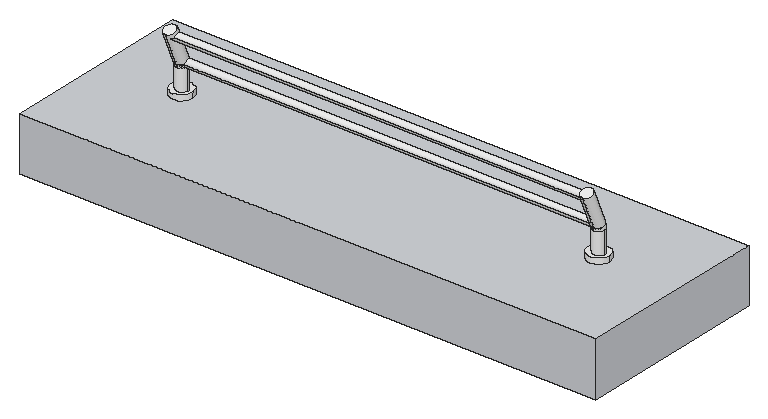
Revit family
Parameters
  URL = "http://caroma.com.au/bathrooms/bathroom-accessories/cosmo/cosmo-metal-double-towel-rail-900mm"
  Model = "Cosmo Double Towel Rail - 900mm"
  Manufacturer = "Caroma"
  Length = 885 mm
  Description = "Contemporary style doesn’t have to mean edges and angles with the Caroma Cosmo Accessory range. Offering a stylish design with smooth, clean lines at a surprisingly economical price, Cosmo Accessories create the perfect finishing touch for any bathroom."
  Default Elevation = 0 mm
  Caroma Rail Material = Caroma Chrome
Reference planes
  plane 1 "Center (Front/Back)": y = 0
  plane 2: z = 0
  plane 3 "Center (Left/Right)": x = 0
  plane 4: through (0, 31.16, 135.923) normal (0, -0.924, 0.3823)
  plane 5 "Angle": through (0, -8.439, 73.339) normal (0, -0.3846, -0.9231)
  plane 6 "Left": x = 442.5
  plane 7 "Right": x = -442.5
Forms (mm)
  Extrusion 1, solid
    sketch origin (0, 0, 0) x (1, 0, 0) y (0, 1, 0)
      loop
        line (-610, 186.337) -> (-610, -218.883) -> (611.402, -218.883) -> (611.402, 186.337) -> (-610, 186.337)
    from 0 to -115.503
  Extrusion 2, solid, material "Caroma Chrome" <- "Caroma Rail Material"
    sketch origin (143.46, 0, 0) x (-1, 0, 0) y (0, -1, 0)
      loop
        circle (-299.04, 0) r 22.944
      loop
        circle (585.96, 0) r 22.944
    from 0 to 11
  Extrusion 3, solid, material "Caroma Chrome" <- "Caroma Rail Material"
    sketch origin (143.46, 0, 0) x (-1, 0, 0) y (0, -1, 0)
      loop
        circle (-299.04, 0) r 12.5
      loop
        circle (585.96, 0) r 12.5
    from 0 to 57.792
  Extrusion 4, solid, material "Caroma Chrome" <- "Caroma Rail Material"
    sketch origin (0, -24.789, 59.494) x (0, 0.923077, 0.384615) y (1, 0, 0)
      loop
        circle (23.515, -442.5) r 12.5
      loop
        circle (23.515, 442.5) r 12.5
    from 4.178 to -72
  Sweep 5, solid, material "Caroma Chrome" <- "Caroma Rail Material"
    path origin (442.5, 0, 0) x (0, -1, 0) y (0, 0, 1)
      loop
        arc (3.25, 68.469) -> (0.9, 62.94) -> (0, 57) r 23.952
    profile origin (442.5, -0.9, 62.94) x (0, -0.962117, -0.272636) y (-1, 0, 0)
      loop
        circle (0, 0) r 12.5
  Sweep 6, solid, material "Caroma Chrome" <- "Caroma Rail Material"
    path origin (-442.5, 0, 0) x (0, -1, 0) y (0, 0, 1)
      loop
        arc (3.25, 68.469) -> (0.9, 62.94) -> (0, 57) r 23.952
    profile origin (-442.5, -0.9, 62.94) x (0, -0.962117, -0.272636) y (-1, 0, 0)
      loop
        circle (0, 0) r 12.5
  Extrusion 7, solid, material "Caroma Chrome" <- "Caroma Rail Material"
    sketch origin (450, 0.436, -0.799) x (0, 1, 0) y (0, 0, 1)
      loop
        circle (-27.095, 125.843) r 8
    from -892.5 to -7.5
  Extrusion 8, solid, material "Caroma Chrome" <- "Caroma Rail Material"
    sketch origin (450, 26.334, -62.829) x (0, 1, 0) y (0, 0, 1)
      loop
        circle (-26.334, 125.83) r 8
    from -892.5 to -7.5
Lines and regions (mm)
  Masking region 1
    outline origin (442.5, 0, 0) x (0, -1, 0) y (0, 0, 1)
      loop
        line (22.944, 0) -> (22.944, 11) -> (12.5, 11) -> (12.5, 56.692)
        arc (12.5, 56.692) -> (12.879, 59.55) -> (13.989, 62.211) r 10.976
        line (13.989, 62.211) -> (42.314, 130.192) -> (19.237, 139.808) -> (-8.455, 73.346)
        arc (-8.455, 73.346) -> (-11.509, 65.587) -> (-12.496, 57.308) r 32.63
        line (-12.496, 57.308) -> (-12.496, 11) -> (-22.944, 11) -> (-22.944, 0) -> (22.944, 0)
  Masking region 2
    outline origin (0, 0, 0) x (1, 0, 0) y (0, 0, 1)
      loop
        line (-465.444, 0) -> (465.444, 0) -> (465.444, 11) -> (455.103, 11) -> (455.103, 134.942)
        spline (455.103, 134.942) -> (454.562, 136.392) -> (452.983, 137.718) -> (450.504, 138.805) -> (447.336, 139.56) -> (443.753, 139.918) -> (440.062, 139.848) -> (436.58, 139.356) -> (433.608, 138.486) -> (431.4, 137.31) -> (430.146, 135.931) -> (429.954, 134.467) -> (430.84, 133.044)
        line (430.84, 133.044) -> (-431.629, 133.044)
        spline (-431.629, 133.044) -> (-430.773, 134.356) -> (-430.836, 135.712) -> (-431.815, 137.01) -> (-433.637, 138.157) -> (-436.168, 139.068) -> (-439.223, 139.675) -> (-442.576, 139.934) -> (-445.982, 139.827) -> (-449.19, 139.36) -> (-451.965, 138.569) -> (-454.102, 137.512) -> (-455.444, 136.265)
        line (-455.444, 136.265) -> (-455.444, 11) -> (-465.444, 11) -> (-465.444, 0)
  symbolic lines, style "Caroma Bathroom Accessories"
    curve 1: line (442.5, 12.5, 11) -> (442.5, -12.496, 11)
    curve 2: line (-454.819, 0, 11) -> (-419.556, 0, 11)
    curve 3: line (-419.556, 0, 11) -> (-419.556, 0, 0)
    curve 4: line (-430, 0, 11) -> (-430, 0, 133.044)
    curve 5: spline (-430, 0, 135) -> (-430.426, 0, 133.756) -> (-431.675, 0, 132.596) -> (-433.661, 0, 131.6) -> (-436.25, 0, 130.836) -> (-439.265, 0, 130.356) -> (-442.5, 0, 130.192) -> (-445.735, 0, 130.356) -> (-448.75, 0, 130.836) -> (-451.339, 0, 131.6) -> (-453.325, 0, 132.596) -> (-454.574, 0, 133.756) -> (-455, 0, 135)
    curve 6: line (454.029, 0, 11) -> (419.541, 0, 11)
    curve 7: line (419.541, 0, 11) -> (419.541, 0, 0)
    curve 8: line (429.985, 0, 11) -> (429.985, 0, 131.525)
    curve 9: spline (430, 0, 135) -> (430.426, 0, 133.756) -> (431.675, 0, 132.596) -> (433.661, 0, 131.6) -> (436.25, 0, 130.836) -> (439.265, 0, 130.356) -> (442.5, 0, 130.192) -> (445.735, 0, 130.356) -> (448.75, 0, 130.836) -> (451.339, 0, 131.6) -> (453.325, 0, 132.596) -> (454.574, 0, 133.756) -> (455, 0, 135)
    curve 10: line (-430, 0, 116) -> (429.985, 0, 116)
    curve 11: line (429.985, 0, 71.262) -> (-430, 0, 71.262)
    curve 12: line (-430, 0, 55.001) -> (429.985, 0, 55.001)
Dimensions and locks
  locked: Extrusion 8 sketch curve to plane 5 "Angle" at 6.298
  locked: Extrusion 4 to Extrusion 7 sketch curve at 10.773
  "Length": plane 7 "Right" to plane 6 "Left"
  equal spacing: plane 7 "Right", plane 3 "Center (Left/Right)", plane 6 "Left"
  aligned and locked: plane 2 to Extrusion 1
  aligned and locked: level to Extrusion 1
  aligned and locked: plane 1 "Center (Front/Back)" to Extrusion 2
  aligned and locked: plane 1 "Center (Front/Back)" to Extrusion 3
  aligned and locked: Extrusion 4 sketch curve to plane 7 "Right"
  aligned and locked: Extrusion 7 to plane 7 "Right"
  aligned and locked: plane 6 "Left" to Extrusion 7
  aligned and locked: Extrusion 8 to plane 7 "Right"
  aligned and locked: plane 6 "Left" to Extrusion 8
  aligned and locked: Extrusion 8 sketch curve to plane 1 "Center (Front/Back)"
  aligned: Extrusion 7 sketch curve to plane 4
  aligned and locked: Extrusion 2 sketch curve to plane 6 "Left"
  aligned and locked: Extrusion 3 sketch curve to plane 7 "Right"
  aligned and locked: Extrusion 3 sketch curve to plane 6 "Left"
  aligned and locked: Extrusion 2 sketch curve to plane 7 "Right"
  aligned and locked: Extrusion 4 sketch curve to plane 6 "Left"
Automatic sketch dimensions
  plane 7 "Right" to curve 5 = 0 mm
  curve 3 to level = 0 mm
  curve 7 to level = 0 mm
  plane 6 "Left" to curve 9 = 0 mm
  plane 7 "Right" to curve 2 = 12.319 mm
  curve 5 to curve 5 = 12.5 mm
  curve 5 to curve 4 = 0 mm
  curve 4 to curve 3 = 10.444 mm
  plane 6 "Left" to curve 7 = 22.959 mm
  plane 6 "Left" to curve 10 = 12.515 mm
  curve 8 to curve 9 = 0.015 mm
  curve 6 to plane 6 "Left" = 11.529 mm
  curve 3 to curve 3 = 11 mm
  level to curve 8 = 11 mm
  curve 8 to curve 12 = 44.001 mm
  curve 12 to curve 11 = 16.262 mm
  curve 11 to curve 10 = 44.738 mm
  curve 10 to curve 8 = 15.525 mm
  curve 10 to curve 4 = 17.044 mm
  curve 8 to curve 9 = 3.475 mm
  curve 4 to curve 5 = 1.956 mm
  Extrusion 1 sketch curve to Extrusion 1 sketch curve = 1221.402 mm
  Extrusion 1 sketch curve to Extrusion 1 sketch curve = 405.22 mm
  plane 1 "Center (Front/Back)" to Extrusion 2 sketch curve = 0 mm  (x2)
  plane 1 "Center (Front/Back)" to Extrusion 3 sketch curve = 0 mm  (x2)
  Extrusion 4 sketch curve to Extrusion 4 sketch curve = 0 mm
  Sweep 5 sketch curve to profile plane = 0 mm  (x2)
  Sweep 6 sketch curve to profile plane = 0 mm  (x2)
  plane 1 "Center (Front/Back)" to Extrusion 7 sketch curve = 26.659 mm
  Masking region 1 sketch curve to level = 0 mm
  level to Masking region 1 sketch curve = 11 mm  (x2)
  Masking region 1 sketch curve to plane 1 "Center (Front/Back)" = 22.944 mm
  Masking region 1 sketch curve to plane 1 "Center (Front/Back)" = 12.496 mm
  Masking region 1 sketch curve to plane 1 "Center (Front/Back)" = 8.455 mm
  plane 1 "Center (Front/Back)" to Masking region 1 sketch curve = 12.5 mm
  Masking region 1 sketch curve to Masking region 1 sketch curve = 1.489 mm
  plane 1 "Center (Front/Back)" to Masking region 1 sketch curve = 19.237 mm
  Masking region 1 sketch curve to Masking region 1 sketch curve = 6.143 mm
  Masking region 1 sketch curve to Masking region 1 sketch curve = 10.444 mm
  Masking region 1 sketch curve to Masking region 1 sketch curve = 3.344 mm
  Masking region 1 sketch curve to Masking region 1 sketch curve = 23.077 mm
  Masking region 1 sketch curve to Masking region 1 sketch curve = 45.692 mm
  Masking region 1 sketch curve to Masking region 1 sketch curve = 0.616 mm
  Masking region 1 sketch curve to Masking region 1 sketch curve = 0.923 mm
  curve 1 to plane 1 "Center (Front/Back)" = 12.5 mm
  plane 1 "Center (Front/Back)" to curve 1 = 12.496 mm
  level to curve 1 = 11 mm
  Masking region 2 sketch curve to level = 0 mm
  plane 6 "Left" to Masking region 2 sketch curve = 0 mm
  plane 6 "Left" to Masking region 2 sketch curve = 11.66 mm
  Masking region 2 sketch curve to Masking region 2 sketch curve = 0.943 mm  (x2)
  Masking region 2 sketch curve to plane 7 "Right" = 11.814 mm
  plane 7 "Right" to Masking region 2 sketch curve = 0.789 mm
  level to Masking region 2 sketch curve = 11 mm  (x2)
  plane 7 "Right" to Masking region 2 sketch curve = 12.944 mm
  Masking region 2 sketch curve to Masking region 2 sketch curve = 10 mm
  Masking region 2 sketch curve to Masking region 2 sketch curve = 10.34 mm
  Masking region 2 sketch curve to Masking region 2 sketch curve = 122.044 mm
  Masking region 2 sketch curve to Masking region 2 sketch curve = 1.898 mm  (x2)
  Sweep 6 sketch curve to plane 1 "Center (Front/Back)" = 0 mm
  plane 1 "Center (Front/Back)" to Sweep 6 sketch curve = 3.25 mm
  plane 1 "Center (Front/Back)" to Sweep 6 sketch curve = 23.945 mm
  level to Sweep 6 sketch curve = 56.41 mm
  Sweep 6 sketch curve to Sweep 6 sketch curve = 0.59 mm
  Sweep 5 sketch curve to plane 1 "Center (Front/Back)" = 0 mm
  plane 1 "Center (Front/Back)" to Sweep 5 sketch curve = 3.25 mm
  plane 1 "Center (Front/Back)" to Sweep 5 sketch curve = 23.945 mm
  level to Sweep 5 sketch curve = 56.41 mm
  Sweep 5 sketch curve to Sweep 5 sketch curve = 0.59 mm
  radius of Extrusion 2 sketch curve = 22.944 mm  (x2)
  radius of Extrusion 3 sketch curve = 12.5 mm  (x2)
  radius of Extrusion 4 sketch curve = 12.5 mm  (x2)
  radius of Sweep 5 sketch curve = 12.5 mm
  radius of Sweep 6 sketch curve = 12.5 mm
  radius of Extrusion 7 sketch curve = 8 mm
  radius of Extrusion 8 sketch curve = 8 mm
